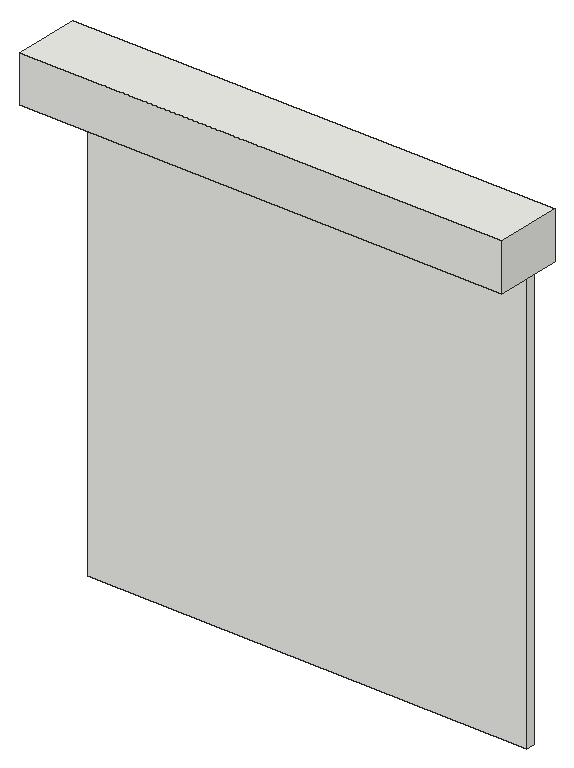
Revit family "9a7fc28bf0cb4b2ca7c1a1c3194000ff", category Doors, host Wall, Revit 2025
Family settings
  Host = Wall
  OmniClass Number = 23.30.10.17.27
  OmniClass Title = Coiling Doors
  Always vertical = Yes
  Cut with Voids When Loaded = No
  Shared = No
  Room Calculation Point = No
Parameters (values of type "168'' x 168''")
  Visual Light Transmittance = 0
  Thickness = 0' - 3"
  Solar Heat Gain Coefficient = 0
  Rough Width [instance] = Width  # 14' - 0"
  Rough Height [instance] = Height  # 14' - 0"
  Roller Material = Steel, Paint Finish, Ivory, Matte
  Roller Box Material = Steel, Paint Finish, Ivory, Matte
  Define Thermal Properties by = Schematic Type
  Construction Type Id = "MDOOR"
  Heat Transfer Coefficient (U) = 0.651978 BTU/(h·ft²·°F)
  Function = Exterior
  Assembly Code = "B2030400"
  Height [instance] = 14' - 0"
  Wall Closure = By host
  Width [instance] = 14' - 0"
  Analytic Construction = "Metal"
Reference planes (in)
  plane 1 "Center(Front/Back)": y = 0
  plane 2: z = 0
  plane 3 "Center (Left/Right)": x = 0
  plane 4 "Left": x = -84
  plane 5 "Right": x = 84
  plane 6 "Top": z = 168
  plane 7: z = 186
  plane 8: x = -92
  plane 9: x = 92
Forms (in)
  Extrusion 1, solid, material "Steel, Paint Finish, Ivory, Matte" <- "Roller Material"
    sketch origin (0, 0, 0) x (1, 0, 0) y (0, 1, 0)
      loop
        line (-84, -3) -> (-84, -6) -> (84, -6) -> (84, -3) -> (-84, -3)
    from 0 to 168
  Extrusion 2, solid, material "Steel, Paint Finish, Ivory, Matte" <- "Roller Box Material"
    sketch origin (-84, -6, 168) x (0, 0, -1) y (1, 0, 0)
      loop
        line (-18, -8) -> (0, -8) -> (0, 176) -> (-18, 176) -> (-18, -8)
    from -3 to 22
Lines and regions (in)
  Opening 1
    outline origin (-130, -3, 0) x (1, 0, 0) y (0, 0, 1)
      loop
        line (46, 0) -> (214, 0) -> (214, 168) -> (46, 168) -> (46, 0)
  Masking region 1
    outline origin (0, 0, 0) x (1, 0, 0) y (0, 1, 0)
      loop
        line (-84, -3) -> (-84, -6) -> (84, -6) -> (84, -3) -> (-84, -3)
  model lines, style "Roller"
    curve 1: line (84, -3, 0) -> (-84, -3, 0)
    curve 2: line (84, -3, 156) -> (-84, -3, 156)
    curve 3: line (-84, -3, 144) -> (84, -3, 144)
    curve 4: line (-84, -3, 132) -> (84, -3, 132)
    curve 5: line (-84, -3, 120) -> (84, -3, 120)
    curve 6: line (-84, -3, 108) -> (84, -3, 108)
    curve 7: line (-84, -3, 96) -> (84, -3, 96)
    curve 8: line (-84, -3, 84) -> (84, -3, 84)
    curve 9: line (-84, -3, 72) -> (84, -3, 72)
    curve 10: line (-84, -3, 60) -> (84, -3, 60)
    curve 11: line (-84, -3, 48) -> (84, -3, 48)
    curve 12: line (-84, -3, 36) -> (84, -3, 36)
    curve 13: line (-84, -3, 24) -> (84, -3, 24)
    curve 14: line (-84, -3, 12) -> (84, -3, 12)
  symbolic lines, style "DoorsHiddenLines"
    curve 15: line (-92, -3, 0) -> (-92, -28, 0)
    curve 16: line (-92, -28, 0) -> (92, -28, 0)
    curve 17: line (92, -3, 0) -> (92, -28, 0)
Text (in)
  text "Exterior" at (-71.68996, 40.95374, 0), in view "Ref. Level"
  text "Exterior" at (0, 34.98637, 123.39349), in view "Right"
Dimensions and locks (in)
  equal spacing: plane 4 "Left", plane 3 "Center (Left/Right)", plane 5 "Right"
  "Width": plane 4 "Left" to plane 5 "Right"
  "Height": plane 2 to plane 6 "Top"
  "Thickness": Extrusion 1 sketch curve to Extrusion 1 sketch curve
  locked: plane 8 to plane 4 "Left" at 8
  locked: plane 5 "Right" to plane 9 at 8
  locked: plane 7 to plane 6 "Top" at 18
  equal spacing: host wall, curve 14, curve 13, curve 12, curve 11, curve 10, curve 9, curve 8, curve 7, curve 6, curve 5, curve 4, curve 3, curve 2, plane 6 "Top"
  host wall to host wall = 20' - 2"
  aligned and locked: plane 4 "Left" to Opening 1 sketch curve
  aligned and locked: plane 6 "Top" to Opening 1 sketch curve
  aligned and locked: Opening 1 sketch curve to plane 6 "Top"
  aligned and locked: Opening 1 sketch curve to plane 5 "Right"
  aligned and locked: Opening 1 sketch curve to level
  aligned and locked: host wall to Extrusion 1 sketch curve
  aligned and locked: plane 5 "Right" to curve 1
  aligned and locked: plane 4 "Left" to curve 1
  aligned and locked: Extrusion 1 to level
  aligned and locked: Extrusion 1 to host wall
  aligned and locked: Extrusion 2 sketch curve to plane 8
  aligned and locked: Extrusion 2 sketch curve to plane 7
  aligned and locked: plane 6 "Top" to Extrusion 2 sketch curve
  aligned and locked: Extrusion 2 sketch curve to plane 9
  aligned and locked: Extrusion 1 to curve 2
  aligned and locked: curve 2 to Extrusion 1
  aligned and locked: plane 4 "Left" to curve 3
  aligned and locked: plane 5 "Right" to curve 3
  aligned and locked: plane 4 "Left" to curve 4
  aligned and locked: Extrusion 1 to curve 4
  aligned and locked: curve 5 to Extrusion 1
  aligned and locked: Extrusion 1 to curve 5
  aligned and locked: curve 6 to Extrusion 1
  aligned and locked: Extrusion 1 to curve 6
  aligned and locked: plane 4 "Left" to curve 7
  aligned and locked: Extrusion 1 to curve 7
  aligned and locked: plane 4 "Left" to curve 8
  aligned and locked: Extrusion 1 to curve 8
  aligned and locked: plane 4 "Left" to curve 9
  aligned and locked: plane 5 "Right" to curve 9
  aligned and locked: plane 4 "Left" to curve 10
  aligned and locked: Extrusion 1 to curve 10
  aligned and locked: curve 11 to Extrusion 1
  aligned and locked: Extrusion 1 to curve 11
  aligned and locked: curve 12 to Extrusion 1
  aligned and locked: Extrusion 1 to curve 12
  aligned and locked: plane 4 "Left" to curve 13
  aligned and locked: plane 5 "Right" to curve 13
  aligned and locked: plane 4 "Left" to curve 14
  aligned and locked: plane 5 "Right" to curve 14
  aligned and locked: curve 17 to Extrusion 2  (x2)
  aligned and locked: level to plane 2
  aligned and locked: Masking region 1 sketch curve to plane 4 "Left"
  aligned and locked: plane 5 "Right" to Masking region 1 sketch curve
  aligned and locked: Masking region 1 sketch curve to Extrusion 1
  aligned and locked: plane 8 to curve 15
  aligned and locked: Masking region 1 to Extrusion 1
  aligned and locked: Extrusion 2 to host wall
Automatic sketch dimensions
  Extrusion 1 sketch curve to plane 4 "Left" = 0' - 0"
  Extrusion 1 sketch curve to plane 5 "Right" = 0' - 0"
  curve 1 to level = 0' - 0"
  host wall to curve 17 = 0' - 0"
  host wall to curve 15 = 0' - 0"
  host wall to Masking region 1 sketch curve = 0' - 3"
